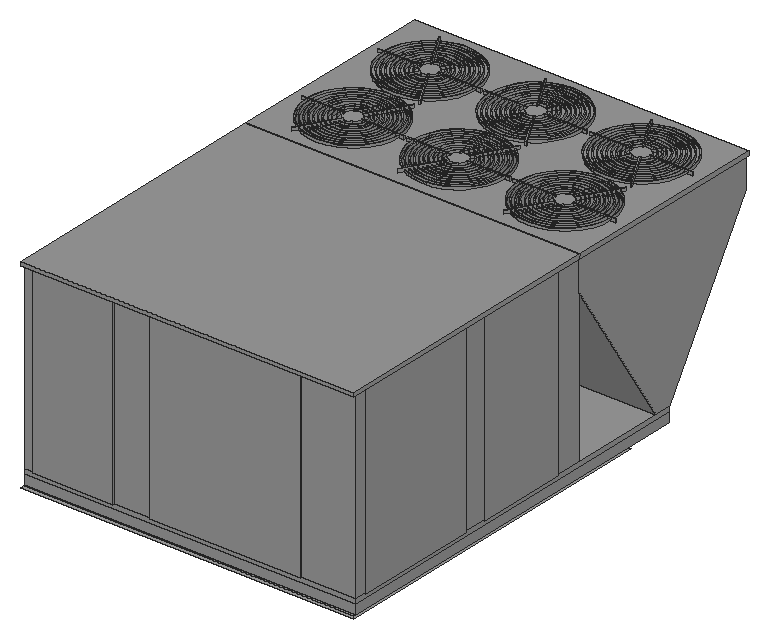
Revit family "RTU-1", category Mechanical Equipment, host Face, Revit 2025
Family settings
  Host = Face
  Round Connector Dimension = Use Diameter
  Classification = None
  Part Type = Normal
  Cut with Voids When Loaded = No
  Maintain Annotation Orientation = Yes
  Shared = No
  Room Calculation Point = No
Parameters (values of type "LCH 240 H4B K 1Y")
  URL = "https://tech.lennoxintl.com/C03e7o14l/VIu12Ch2uV/ehb_lch_cbox_2109.pdf"
  Supply Flow [instance] = 0 CFM
  Return Flow [instance] = 0 CFM
  Model = "LCH 240 H4B K 1Y"
  Material = Aluminum 1100-O
  Manufacturer = "LENNOX"
  Grill Material = Steel, Paint Finish, Dark Gray
  Default Elevation = 48"
Reference planes (in)
  plane 1 "Center (Front/Back)": y = 0
  plane 2: z = 0
  plane 3 "Center (Left/Right)": x = 0
  plane 4: z = 45.1875
  plane 5: y = 48.375
  plane 6: through (-28.53125, 37.65625, 55) normal (-0.7071, -0.7071, 0)
  plane 7: through (-28.53125, 37.65625, 55) normal (-0.7071, 0.7071, 0)
  plane 8: through (-28.53125, 37.65625, 55) normal (0.7071, -0.7071, 0)
  plane 9: through (-28.53125, 37.65625, 55) normal (0.7071, 0.7071, 0)
  plane 10: x = -30.90625
  plane 11: x = -31.90625
  plane 12: x = -32.90625
  plane 13: x = -33.90625
  plane 14: x = -34.90625
  plane 15: x = -35.90625
  plane 16: x = -36.90625
  plane 17: x = -37.90625
  plane 18: x = -38.90625
  plane 19: x = -39.90625
  plane 20: x = -40.90625
  plane 21: x = -42.34375
  plane 22: x = -41.03125
  plane 23: x = -14.71875
  plane 24: x = -16.03125
  plane 25: y = 52.625
  plane 26: y = 50.5
  plane 27: y = 22.25
  plane 28: y = 78.9375
  plane 29: y = 50.59375
  plane 30: x = -30.90625
  plane 31: x = -31.90625
  plane 32: x = -32.90625
  plane 33: x = -33.90625
  plane 34: x = -34.90625
  plane 35: x = -35.90625
  plane 36: x = -36.90625
  plane 37: x = -37.90625
  plane 38: x = -38.90625
  plane 39: x = -39.90625
  plane 40: x = -40.90625
  plane 41: x = -42.34375
  plane 42: x = -41.03125
  plane 43: x = -14.71875
  plane 44: x = -16.03125
  plane 45: x = -2.375
  plane 46: x = -3.375
  plane 47: x = -4.375
  plane 48: x = -5.375
  plane 49: x = -6.375
  plane 50: x = -7.375
  plane 51: x = -8.375
  plane 52: x = -9.375
  plane 53: x = -10.375
  plane 54: x = -11.375
  plane 55: x = -12.375
  plane 56: x = -13.8125
  plane 57: x = -12.5
  plane 58: x = 13.8125
  plane 59: x = 12.5
  plane 60: x = 26.15625
  plane 61: x = 25.15625
  plane 62: x = 24.15625
  plane 63: x = 23.15625
  plane 64: x = 22.15625
  plane 65: x = 21.15625
  plane 66: x = 20.15625
  plane 67: x = 19.15625
  plane 68: x = 18.15625
  plane 69: x = 17.15625
  plane 70: x = 16.15625
  plane 71: x = 14.71875
  plane 72: x = 16.03125
  plane 73: x = 42.34375
  plane 74: x = 41.03125
  plane 75: through (-36.72095, 74.75222, 110.75) normal (-0.5, 0.866, 0)
  plane 76: through (-34.78125, 74.35657, 110.75) normal (0.5, -0.866, 0)
  plane 77: through (-20.34155, 74.75222, 110.75) normal (-0.5, -0.866, 0)
  plane 78: through (-22.28125, 74.35657, 110.75) normal (0.5, 0.866, 0)
  plane 79: through (-36.72095, 52.31028, 110.75) normal (0.5, 0.866, 0)
  plane 80: through (-34.78125, 52.70593, 110.75) normal (-0.5, -0.866, 0)
  plane 81: through (-20.34155, 52.31028, 110.75) normal (0.5, -0.866, 0)
  plane 82: through (-22.28125, 52.70593, 110.75) normal (-0.5, 0.866, 0)
  plane 83: through (-36.72095, 26.43528, 110.75) normal (0.5, 0.866, 0)
  plane 84: through (-34.78125, 26.83093, 110.75) normal (-0.5, -0.866, 0)
  plane 85: through (-20.34155, 26.43528, 110.75) normal (0.5, -0.866, 0)
  plane 86: through (-22.28125, 26.83093, 110.75) normal (-0.5, 0.866, 0)
  plane 87: through (-36.72095, 48.87722, 110.75) normal (-0.5, 0.866, 0)
  plane 88: through (-34.78125, 48.48157, 110.75) normal (0.5, -0.866, 0)
  plane 89: through (-20.34155, 48.87722, 110.75) normal (-0.5, -0.866, 0)
  plane 90: through (-22.28125, 48.48157, 110.75) normal (0.5, 0.866, 0)
  plane 91: through (-8.1897, 74.75222, 110.75) normal (-0.5, 0.866, 0)
  plane 92: through (-6.25, 74.35657, 110.75) normal (0.5, -0.866, 0)
  plane 93: through (8.1897, 74.75222, 110.75) normal (-0.5, -0.866, 0)
  plane 94: through (6.25, 74.35657, 110.75) normal (0.5, 0.866, 0)
  plane 95: through (-8.1897, 52.31028, 110.75) normal (0.5, 0.866, 0)
  plane 96: through (-6.25, 52.70593, 110.75) normal (-0.5, -0.866, 0)
  plane 97: through (8.1897, 52.31028, 110.75) normal (0.5, -0.866, 0)
  plane 98: through (6.25, 52.70593, 110.75) normal (-0.5, 0.866, 0)
  plane 99: through (20.34155, 74.75222, 110.75) normal (-0.5, 0.866, 0)
  plane 100: through (22.28125, 74.35657, 110.75) normal (0.5, -0.866, 0)
  plane 101: through (36.72095, 74.75222, 110.75) normal (-0.5, -0.866, 0)
  plane 102: through (34.78125, 74.35657, 110.75) normal (0.5, 0.866, 0)
  plane 103: through (20.34155, 52.31028, 110.75) normal (0.5, 0.866, 0)
  plane 104: through (22.28125, 52.70593, 110.75) normal (-0.5, -0.866, 0)
  plane 105: through (36.72095, 52.31028, 110.75) normal (0.5, -0.866, 0)
  plane 106: through (34.78125, 52.70593, 110.75) normal (-0.5, 0.866, 0)
  plane 107: x = -30.90625
  plane 108: x = -31.90625
  plane 109: x = -32.90625
  plane 110: x = -33.90625
  plane 111: x = -34.90625
  plane 112: x = -35.90625
  plane 113: x = -36.90625
  plane 114: x = -37.90625
  plane 115: x = -38.90625
  plane 116: x = -39.90625
  plane 117: x = -40.90625
  plane 118: x = -42.34375
  plane 119: x = -41.03125
  plane 120: x = -14.71875
  plane 121: x = -16.03125
  plane 122: x = -2.375
  plane 123: x = -3.375
  plane 124: x = -4.375
  plane 125: x = -5.375
  plane 126: x = -6.375
  plane 127: x = -7.375
  plane 128: x = -8.375
  plane 129: x = -9.375
  plane 130: x = -10.375
  plane 131: x = -11.375
  plane 132: x = -12.375
  plane 133: x = -13.8125
  plane 134: x = -12.5
  plane 135: x = 13.8125
  plane 136: x = 12.5
  plane 137: x = 26.15625
  plane 138: x = 25.15625
  plane 139: x = 24.15625
  plane 140: x = 23.15625
  plane 141: x = 22.15625
  plane 142: x = 21.15625
  plane 143: x = 20.15625
  plane 144: x = 19.15625
  plane 145: x = 18.15625
  plane 146: x = 17.15625
  plane 147: x = 16.15625
  plane 148: x = 14.71875
  plane 149: x = 16.03125
  plane 150: x = 42.34375
  plane 151: x = 41.03125
  plane 152: through (-36.72095, 26.43528, 110.75) normal (0.5, 0.866, 0)
  plane 153: through (-34.78125, 26.83093, 110.75) normal (-0.5, -0.866, 0)
  plane 154: through (-20.34155, 26.43528, 110.75) normal (0.5, -0.866, 0)
  plane 155: through (-22.28125, 26.83093, 110.75) normal (-0.5, 0.866, 0)
  plane 156: through (-36.72095, 48.87722, 110.75) normal (-0.5, 0.866, 0)
  plane 157: through (-34.78125, 48.48157, 110.75) normal (0.5, -0.866, 0)
  plane 158: through (-20.34155, 48.87722, 110.75) normal (-0.5, -0.866, 0)
  plane 159: through (-22.28125, 48.48157, 110.75) normal (0.5, 0.866, 0)
  plane 160: through (-8.1897, 26.43528, 110.75) normal (0.5, 0.866, 0)
  plane 161: through (-6.25, 26.83093, 110.75) normal (-0.5, -0.866, 0)
  plane 162: through (8.1897, 26.43528, 110.75) normal (0.5, -0.866, 0)
  plane 163: through (6.25, 26.83093, 110.75) normal (-0.5, 0.866, 0)
  plane 164: through (-8.1897, 48.87722, 110.75) normal (-0.5, 0.866, 0)
  plane 165: through (-6.25, 48.48157, 110.75) normal (0.5, -0.866, 0)
  plane 166: through (8.1897, 48.87722, 110.75) normal (-0.5, -0.866, 0)
  plane 167: through (6.25, 48.48157, 110.75) normal (0.5, 0.866, 0)
  plane 168: through (20.34155, 26.43528, 110.75) normal (0.5, 0.866, 0)
  plane 169: through (22.28125, 26.83093, 110.75) normal (-0.5, -0.866, 0)
  plane 170: through (36.72095, 26.43528, 110.75) normal (0.5, -0.866, 0)
  plane 171: through (34.78125, 26.83093, 110.75) normal (-0.5, 0.866, 0)
  plane 172: through (20.34155, 48.87722, 110.75) normal (-0.5, 0.866, 0)
  plane 173: through (22.28125, 48.48157, 110.75) normal (0.5, -0.866, 0)
  plane 174: through (36.72095, 48.87722, 110.75) normal (-0.5, -0.866, 0)
  plane 175: through (34.78125, 48.48157, 110.75) normal (0.5, 0.866, 0)
  plane 176: x = -33.3125
  plane 177: x = 2.1875
  plane 178: y = -10.625
  plane 179: y = -10.625
  plane 180: x = -45
  plane 181: x = 45
  plane 182: y = -53.8125
Forms (in)
  Extrusion 1, solid, material "Aluminum 1100-O" <- "Material"
    sketch origin (0, 0, 0) x (1, 0, 0) y (0, 1, 0)
      loop
        line (-44.5625, 22.25) -> (-44.5625, -52.75) -> (44.5625, -52.75) -> (44.5625, 22.25) -> (-44.5625, 22.25)
    from 4.125 to 53.5625
  Extrusion 2, solid, material "Aluminum 1100-O" <- "Material"
    sketch origin (0, 0, -50.125) x (1, 0, 0) y (0, 1, 0)
      loop
        line (-44.5625, 52.75) -> (-44.5625, -52.75) -> (44.5625, -52.75) -> (44.5625, 52.75) -> (-44.5625, 52.75)
    from 53.0625 to 54.25
  Extrusion 3, solid, material "Aluminum 1100-O" <- "Material"
    sketch origin (0, 0, -51.3125) x (1, 0, 0) y (0, 1, 0)
      loop
        line (-44.5625, 52.75) -> (-44.5625, -52.75) -> (44.5625, -52.75) -> (44.5625, 52.75) -> (-44.5625, 52.75)
    from 51.6875 to 54.25
  Blend 4, solid, material "Aluminum 1100-O" <- "Material"
    base sketch origin (0, 0, 0) x (1, 0, 0) y (0, 1, 0)
      loop
        line (-45, 39.41026) -> (-45, -53.8125) -> (45, -53.8125) -> (45, 39.41026) -> (-45, 39.41026)
    top sketch origin (0, 0, 0) x (1, 0, 0) y (0, 1, 0)
      loop
        line (-44.5625, 38.91026) -> (-44.5625, -53.3125) -> (44.5625, -53.3125) -> (44.5625, 38.91026) -> (-44.5625, 38.91026)
    from 0 to 0.375
  Extrusion 5, solid, material "Aluminum 1100-O" <- "Material"
    sketch origin (0, 0, 0) x (0, 1, 0) y (0, 0, 1)
      loop
        line (48.375, 4.125) -> (52.625, 4.125) -> (78.75, 45.1875) -> (78.75, 53.5625) -> (22.25, 53.5625) -> (22.25, 45.1875) -> (48.375, 4.125)
    from -44.5625 to 44.5625
  Extrusion 6, solid, material "Aluminum 1100-O" <- "Material"
    sketch origin (0, 0, 0) x (1, 0, 0) y (0, 1, 0)
      loop
        line (-45, 22.25) -> (-45, -53.8125) -> (45, -53.8125) -> (45, 22.25) -> (-45, 22.25)
    from 53.5625 to 54.625
  Extrusion 7, solid, material "Aluminum 1100-O" <- "Material"
    sketch origin (0, 75.3125, 0) x (1, 0, 0) y (0, 1, 0)
      loop
        line (-45, 3.625) -> (-45, -53.0625) -> (45, -53.0625) -> (45, 3.625) -> (-45, 3.625)
    from 53.5625 to 54.625
  Extrusion 8, void
    sketch origin (-8.58719, -1.71744, 0) x (1, 0, 0) y (0, 1, 0)
      loop
        circle (8.58719, 39.37369) r 12.5
      loop
        circle (-19.94406, 39.37369) r 12.5
      loop
        circle (37.11844, 39.37369) r 12.5
    from 45.45857 to 54.625
  Extrusion 9, solid, material "Steel, Paint Finish, Dark Gray" <- "Grill Material", not visible
    sketch origin (0, 0, 54.625) x (1, 0, 0) y (0, 1, 0)
      loop
        circle (-28.53125, 37.65625) r 2.375
      loop
        circle (-28.53125, 37.65625) r 3.375
      loop
        circle (-28.53125, 37.65625) r 3.5
      loop
        circle (-28.53125, 37.65625) r 4.375
      loop
        circle (-28.53125, 37.65625) r 5.25
      loop
        circle (-28.53125, 37.65625) r 4.5
      loop
        circle (-28.53125, 37.65625) r 5.375
      loop
        circle (-28.53125, 37.65625) r 6.375
      loop
        circle (-28.53125, 37.65625) r 7.375
      loop
        circle (-28.53125, 37.65625) r 9.375
      loop
        circle (-28.53125, 37.65625) r 10.375
      loop
        circle (-28.53125, 37.65625) r 11.375
      loop
        circle (-28.53125, 37.65625) r 12.375
      loop
        circle (-28.53125, 37.65625) r 12.5
      loop
        circle (-28.53125, 37.65625) r 7.5
      loop
        circle (-28.53125, 37.65625) r 9.5
      loop
        circle (-28.53125, 37.65625) r 10.5
      loop
        circle (-28.53125, 37.65625) r 11.5
      loop
        circle (-28.53125, 37.65625) r 8.375
      loop
        circle (-28.53125, 37.65625) r 8.5
      loop
        circle (-28.53125, 37.65625) r 6.5
    from 0 to 0.625
  Extrusion 10, solid, material "Steel, Paint Finish, Dark Gray" <- "Grill Material", not visible
    sketch origin (0, 0, 55.75) x (1, 0, 0) y (0, 1, 0)
      loop
        line (-42.34375, 37.78125) -> (-42.34375, 37.53125) -> (-30.90296, 37.53125)
        arc (-30.90296, 37.53125) -> (-30.90543, 37.59373) -> (-30.90625, 37.65625) r 2.375
        arc (-30.90625, 37.65625) -> (-30.90543, 37.71877) -> (-30.90296, 37.78125) r 2.375
        line (-30.90296, 37.78125) -> (-42.34375, 37.78125)
    from -1.125 to -0.3427
  Extrusion 11, solid, material "Steel, Paint Finish, Dark Gray" <- "Grill Material", not visible
    sketch origin (-57.0625, 0, 55.75) x (-1, 0, 0) y (0, -1, 0)
      loop
        line (-42.34375, -37.78125) -> (-30.90296, -37.78125)
        arc (-30.90296, -37.78125) -> (-30.90543, -37.71877) -> (-30.90625, -37.65625) r 2.375
        arc (-30.90625, -37.65625) -> (-30.90543, -37.59373) -> (-30.90296, -37.53125) r 2.375
        line (-30.90296, -37.53125) -> (-42.34375, -37.53125) -> (-42.34375, -37.78125)
    from -1.125 to -0.3427
  Extrusion 12, void
    sketch origin (0, 0, 0) x (1, 0, 0) y (0, 1, 0)
      loop
        line (-40.75, 19.4375) -> (-40.75, -40.5625) -> (-25.75, -40.5625) -> (-25.75, 19.4375) -> (-40.75, 19.4375)
      loop
        line (12.25, -40.5625) -> (12.25, 19.4375) -> (-7.75, 19.4375) -> (-7.75, -40.5625) -> (12.25, -40.5625)
      loop
        line (33.0625, -44.8125) -> (33.0625, -49.8125) -> (41.0625, -49.8125) -> (41.0625, -44.8125) -> (33.0625, -44.8125)
    from 0 to 12
  Extrusion 13, solid, material "Steel, Paint Finish, Dark Gray" <- "Grill Material"
    sketch origin (0, 101.1875, 54.625) x (1, 0, 0) y (0, 1, 0)
      loop
        circle (-28.53125, -37.65625) r 2.375
      loop
        circle (-28.53125, -37.65625) r 3.375
      loop
        circle (-28.53125, -37.65625) r 3.5
      loop
        circle (-28.53125, -37.65625) r 4.375
      loop
        circle (-28.53125, -37.65625) r 5.25
      loop
        circle (-28.53125, -37.65625) r 4.5
      loop
        circle (-28.53125, -37.65625) r 5.375
      loop
        circle (-28.53125, -37.65625) r 6.375
      loop
        circle (-28.53125, -37.65625) r 7.375
      loop
        circle (-28.53125, -37.65625) r 9.375
      loop
        circle (-28.53125, -37.65625) r 10.375
      loop
        circle (-28.53125, -37.65625) r 11.375
      loop
        circle (-28.53125, -37.65625) r 12.375
      loop
        circle (-28.53125, -37.65625) r 12.5
      loop
        circle (-28.53125, -37.65625) r 7.5
      loop
        circle (-28.53125, -37.65625) r 9.5
      loop
        circle (-28.53125, -37.65625) r 10.5
      loop
        circle (-28.53125, -37.65625) r 11.5
      loop
        circle (-28.53125, -37.65625) r 8.375
      loop
        circle (-28.53125, -37.65625) r 8.5
      loop
        circle (-28.53125, -37.65625) r 6.5
    from 0 to 0.625
  Extrusion 14, solid, material "Steel, Paint Finish, Dark Gray" <- "Grill Material"
    sketch origin (0, 101.1875, 55.75) x (1, 0, 0) y (0, 1, 0)
      loop
        line (-42.34375, -37.78125) -> (-30.90296, -37.78125)
        arc (-30.90296, -37.78125) -> (-30.90543, -37.71877) -> (-30.90625, -37.65625) r 2.375
        arc (-30.90625, -37.65625) -> (-30.90543, -37.59373) -> (-30.90296, -37.53125) r 2.375
        line (-30.90296, -37.53125) -> (-42.34375, -37.53125) -> (-42.34375, -37.78125)
    from -1.125 to -0.3427
  Extrusion 15, solid, material "Steel, Paint Finish, Dark Gray" <- "Grill Material"
    sketch origin (-57.0625, 101.1875, 55.75) x (-1, 0, 0) y (0, -1, 0)
      loop
        line (-42.34375, 37.78125) -> (-42.34375, 37.53125) -> (-30.90296, 37.53125)
        arc (-30.90296, 37.53125) -> (-30.90543, 37.59373) -> (-30.90625, 37.65625) r 2.375
        arc (-30.90625, 37.65625) -> (-30.90543, 37.71877) -> (-30.90296, 37.78125) r 2.375
        line (-30.90296, 37.78125) -> (-42.34375, 37.78125)
    from -1.125 to -0.3427
  Extrusion 16, solid, material "Steel, Paint Finish, Dark Gray" <- "Grill Material"
    sketch origin (28.53125, 101.1875, 54.625) x (1, 0, 0) y (0, 1, 0)
      loop
        circle (-28.53125, -37.65625) r 2.375
      loop
        circle (-28.53125, -37.65625) r 3.375
      loop
        circle (-28.53125, -37.65625) r 3.5
      loop
        circle (-28.53125, -37.65625) r 4.375
      loop
        circle (-28.53125, -37.65625) r 5.25
      loop
        circle (-28.53125, -37.65625) r 4.5
      loop
        circle (-28.53125, -37.65625) r 5.375
      loop
        circle (-28.53125, -37.65625) r 6.375
      loop
        circle (-28.53125, -37.65625) r 7.375
      loop
        circle (-28.53125, -37.65625) r 9.375
      loop
        circle (-28.53125, -37.65625) r 10.375
      loop
        circle (-28.53125, -37.65625) r 11.375
      loop
        circle (-28.53125, -37.65625) r 12.375
      loop
        circle (-28.53125, -37.65625) r 12.5
      loop
        circle (-28.53125, -37.65625) r 7.5
      loop
        circle (-28.53125, -37.65625) r 9.5
      loop
        circle (-28.53125, -37.65625) r 10.5
      loop
        circle (-28.53125, -37.65625) r 11.5
      loop
        circle (-28.53125, -37.65625) r 8.375
      loop
        circle (-28.53125, -37.65625) r 8.5
      loop
        circle (-28.53125, -37.65625) r 6.5
    from 0 to 0.625
  Extrusion 17, solid, material "Steel, Paint Finish, Dark Gray" <- "Grill Material"
    sketch origin (28.53125, 101.1875, 55.75) x (1, 0, 0) y (0, 1, 0)
      loop
        line (-42.34375, -37.78125) -> (-30.90296, -37.78125)
        arc (-30.90296, -37.78125) -> (-30.90543, -37.71877) -> (-30.90625, -37.65625) r 2.375
        arc (-30.90625, -37.65625) -> (-30.90543, -37.59373) -> (-30.90296, -37.53125) r 2.375
        line (-30.90296, -37.53125) -> (-42.34375, -37.53125) -> (-42.34375, -37.78125)
    from -1.125 to -0.3427
  Extrusion 18, solid, material "Steel, Paint Finish, Dark Gray" <- "Grill Material"
    sketch origin (-28.53125, 101.1875, 55.75) x (-1, 0, 0) y (0, -1, 0)
      loop
        line (-42.34375, 37.78125) -> (-42.34375, 37.53125) -> (-30.90296, 37.53125)
        arc (-30.90296, 37.53125) -> (-30.90543, 37.59373) -> (-30.90625, 37.65625) r 2.375
        arc (-30.90625, 37.65625) -> (-30.90543, 37.71877) -> (-30.90296, 37.78125) r 2.375
        line (-30.90296, 37.78125) -> (-42.34375, 37.78125)
    from -1.125 to -0.3427
  Extrusion 19, solid, material "Steel, Paint Finish, Dark Gray" <- "Grill Material"
    sketch origin (57.0625, 0, 54.625) x (1, 0, 0) y (0, 1, 0)
      loop
        circle (-28.53125, 63.53125) r 2.375
      loop
        circle (-28.53125, 63.53125) r 3.375
      loop
        circle (-28.53125, 63.53125) r 3.5
      loop
        circle (-28.53125, 63.53125) r 4.375
      loop
        circle (-28.53125, 63.53125) r 5.25
      loop
        circle (-28.53125, 63.53125) r 4.5
      loop
        circle (-28.53125, 63.53125) r 5.375
      loop
        circle (-28.53125, 63.53125) r 6.375
      loop
        circle (-28.53125, 63.53125) r 7.375
      loop
        circle (-28.53125, 63.53125) r 9.375
      loop
        circle (-28.53125, 63.53125) r 10.375
      loop
        circle (-28.53125, 63.53125) r 11.375
      loop
        circle (-28.53125, 63.53125) r 12.375
      loop
        circle (-28.53125, 63.53125) r 12.5
      loop
        circle (-28.53125, 63.53125) r 7.5
      loop
        circle (-28.53125, 63.53125) r 9.5
      loop
        circle (-28.53125, 63.53125) r 10.5
      loop
        circle (-28.53125, 63.53125) r 11.5
      loop
        circle (-28.53125, 63.53125) r 8.375
      loop
        circle (-28.53125, 63.53125) r 8.5
      loop
        circle (-28.53125, 63.53125) r 6.5
    from 0 to 0.625
  Extrusion 20, solid, material "Steel, Paint Finish, Dark Gray" <- "Grill Material"
    sketch origin (57.0625, 0, 55.75) x (1, 0, 0) y (0, 1, 0)
      loop
        line (-42.34375, 63.40625) -> (-30.90296, 63.40625)
        arc (-30.90296, 63.40625) -> (-30.90543, 63.46873) -> (-30.90625, 63.53125) r 2.375
        arc (-30.90625, 63.53125) -> (-30.90543, 63.59377) -> (-30.90296, 63.65625) r 2.375
        line (-30.90296, 63.65625) -> (-42.34375, 63.65625) -> (-42.34375, 63.40625)
    from -1.125 to -0.3427
  Extrusion 21, solid, material "Steel, Paint Finish, Dark Gray" <- "Grill Material"
    sketch origin (0, 0, 55.75) x (-1, 0, 0) y (0, -1, 0)
      loop
        line (-42.34375, -63.40625) -> (-42.34375, -63.65625) -> (-30.90296, -63.65625)
        arc (-30.90296, -63.65625) -> (-30.90543, -63.59377) -> (-30.90625, -63.53125) r 2.375
        arc (-30.90625, -63.53125) -> (-30.90543, -63.46873) -> (-30.90296, -63.40625) r 2.375
        line (-30.90296, -63.40625) -> (-42.34375, -63.40625)
    from -1.125 to -0.3427
  Extrusion 22, solid, material "Steel, Paint Finish, Dark Gray" <- "Grill Material"
    sketch origin (-69.2853, 108.24434, 55.75) x (0.5, -0.866025, 0) y (0.866025, 0.5, 0)
      loop
        line (45.2872, 12.8125) -> (56.72799, 12.8125)
        arc (56.72799, 12.8125) -> (56.72552, 12.87498) -> (56.7247, 12.9375) r 2.375
        arc (56.7247, 12.9375) -> (56.72552, 13.00002) -> (56.72799, 13.0625) r 2.375
        line (56.72799, 13.0625) -> (45.2872, 13.0625) -> (45.2872, 12.8125)
    from -1.125 to -0.3427
  Extrusion 23, solid, material "Steel, Paint Finish, Dark Gray" <- "Grill Material"
    sketch origin (12.2228, 108.24434, 55.75) x (-0.5, -0.866025, 0) y (0.866025, -0.5, 0)
      loop
        line (53.86779, -12.8125) -> (53.86779, -13.0625) -> (56.72799, -13.0625)
        arc (56.72799, -13.0625) -> (56.72552, -13.00002) -> (56.7247, -12.9375) r 2.375
        arc (56.7247, -12.9375) -> (56.72552, -12.87498) -> (56.72799, -12.8125) r 2.375
        line (56.72799, -12.8125) -> (53.86779, -12.8125)
    from -1.125 to -0.3427
  Extrusion 24, solid, material "Steel, Paint Finish, Dark Gray" <- "Grill Material"
    sketch origin (-69.2853, 221.19316, 55.75) x (0.5, 0.866025, 0) y (-0.866025, 0.5, 0)
      loop
        line (-121.3941, -114) -> (-121.3941, -114.25) -> (-118.5339, -114.25)
        arc (-118.5339, -114.25) -> (-118.53637, -114.18752) -> (-118.5372, -114.125) r 2.375
        arc (-118.5372, -114.125) -> (-118.53637, -114.06248) -> (-118.5339, -114) r 2.375
        line (-118.5339, -114) -> (-121.3941, -114)
    from -1.125 to -0.3427
  Extrusion 25, solid, material "Steel, Paint Finish, Dark Gray" <- "Grill Material"
    sketch origin (12.2228, 221.19316, 55.75) x (-0.5, 0.866025, 0) y (-0.866025, -0.5, 0)
      loop
        line (-129.9747, 114) -> (-118.5339, 114)
        arc (-118.5339, 114) -> (-118.53637, 114.06248) -> (-118.5372, 114.125) r 2.375
        arc (-118.5372, 114.125) -> (-118.53637, 114.18752) -> (-118.5339, 114.25) r 2.375
        line (-118.5339, 114.25) -> (-129.9747, 114.25) -> (-129.9747, 114)
    from -1.125 to -0.3427
  Extrusion 26, solid, material "Steel, Paint Finish, Dark Gray" <- "Grill Material", not visible
    sketch origin (-69.2853, 7.05684, 55.75) x (0.5, -0.866025, 0) y (0.866025, 0.5, 0)
      loop
        line (0.67515, 38.56927) -> (0.89166, 38.69427) -> (-4.82874, 48.60229)
        arc (-4.82874, 48.60229) -> (-4.88161, 48.56891) -> (-4.93534, 48.53694) r 2.375
        arc (-4.93534, 48.53694) -> (-4.9899, 48.50639) -> (-5.04524, 48.47729) r 2.375
        line (-5.04524, 48.47729) -> (0.67515, 38.56927)
    from -1.125 to -0.3427
  Extrusion 27, solid, material "Steel, Paint Finish, Dark Gray" <- "Grill Material", not visible
    sketch origin (12.2228, 7.05684, 55.75) x (-0.5, -0.866025, 0) y (0.866025, -0.5, 0)
      loop
        line (0.67515, -48.47729) -> (-5.04524, -48.47729)
        arc (-5.04524, -48.47729) -> (-4.9899, -48.50639) -> (-4.93534, -48.53694) r 2.375
        arc (-4.93534, -48.53694) -> (-4.88161, -48.56891) -> (-4.82874, -48.60229) r 2.375
        line (-4.82874, -48.60229) -> (0.67515, -48.60229) -> (0.67515, -48.47729)
    from -1.125 to -0.3427
  Extrusion 28, solid, material "Steel, Paint Finish, Dark Gray" <- "Grill Material", not visible
    sketch origin (-69.2853, 120.00566, 55.75) x (0.5, 0.866025, 0) y (-0.866025, 0.5, 0)
      loop
        line (-44.14166, -74.35229) -> (-49.86206, -74.35229)
        arc (-49.86206, -74.35229) -> (-49.80671, -74.38139) -> (-49.75216, -74.41194) r 2.375
        arc (-49.75216, -74.41194) -> (-49.69842, -74.44391) -> (-49.64555, -74.47729) r 2.375
        line (-49.64555, -74.47729) -> (-44.14166, -74.47729) -> (-44.14166, -74.35229)
    from -1.125 to -0.3427
  Extrusion 29, solid, material "Steel, Paint Finish, Dark Gray" <- "Grill Material", not visible
    sketch origin (12.2228, 120.00566, 55.75) x (-0.5, 0.866025, 0) y (-0.866025, -0.5, 0)
      loop
        line (-44.14166, 64.44427) -> (-43.92515, 64.56927) -> (-49.64555, 74.47729)
        arc (-49.64555, 74.47729) -> (-49.69842, 74.44391) -> (-49.75216, 74.41194) r 2.375
        arc (-49.75216, 74.41194) -> (-49.80671, 74.38139) -> (-49.86206, 74.35229) r 2.375
        line (-49.86206, 74.35229) -> (-44.14166, 64.44427)
    from -1.125 to -0.3427
  Extrusion 30, solid, material "Steel, Paint Finish, Dark Gray" <- "Grill Material"
    sketch origin (-40.75405, 108.24434, 55.75) x (0.5, -0.866025, 0) y (0.866025, 0.5, 0)
      loop
        line (45.2872, 12.8125) -> (56.72799, 12.8125)
        arc (56.72799, 12.8125) -> (56.72552, 12.87498) -> (56.7247, 12.9375) r 2.375
        arc (56.7247, 12.9375) -> (56.72552, 13.00002) -> (56.72799, 13.0625) r 2.375
        line (56.72799, 13.0625) -> (45.2872, 13.0625) -> (45.2872, 12.8125)
    from -1.125 to -0.3427
  Extrusion 31, solid, material "Steel, Paint Finish, Dark Gray" <- "Grill Material"
    sketch origin (40.75405, 108.24434, 55.75) x (-0.5, -0.866025, 0) y (0.866025, -0.5, 0)
      loop
        line (53.86779, -12.8125) -> (53.86779, -13.0625) -> (56.72799, -13.0625)
        arc (56.72799, -13.0625) -> (56.72552, -13.00002) -> (56.7247, -12.9375) r 2.375
        arc (56.7247, -12.9375) -> (56.72552, -12.87498) -> (56.72799, -12.8125) r 2.375
        line (56.72799, -12.8125) -> (53.86779, -12.8125)
    from -1.125 to -0.3427
  Extrusion 32, solid, material "Steel, Paint Finish, Dark Gray" <- "Grill Material"
    sketch origin (-40.75405, 221.19316, 55.75) x (0.5, 0.866025, 0) y (-0.866025, 0.5, 0)
      loop
        line (-121.3941, -114) -> (-121.3941, -114.25) -> (-118.5339, -114.25)
        arc (-118.5339, -114.25) -> (-118.53637, -114.18752) -> (-118.5372, -114.125) r 2.375
        arc (-118.5372, -114.125) -> (-118.53637, -114.06248) -> (-118.5339, -114) r 2.375
        line (-118.5339, -114) -> (-121.3941, -114)
    from -1.125 to -0.3427
  Extrusion 33, solid, material "Steel, Paint Finish, Dark Gray" <- "Grill Material"
    sketch origin (40.75405, 221.19316, 55.75) x (-0.5, 0.866025, 0) y (-0.866025, -0.5, 0)
      loop
        line (-129.9747, 114) -> (-118.5339, 114)
        arc (-118.5339, 114) -> (-118.53637, 114.06248) -> (-118.5372, 114.125) r 2.375
        arc (-118.5372, 114.125) -> (-118.53637, 114.18752) -> (-118.5339, 114.25) r 2.375
        line (-118.5339, 114.25) -> (-129.9747, 114.25) -> (-129.9747, 114)
    from -1.125 to -0.3427
  Extrusion 34, solid, material "Steel, Paint Finish, Dark Gray" <- "Grill Material"
    sketch origin (-12.2228, 7.05684, 55.75) x (0.5, -0.866025, 0) y (0.866025, 0.5, 0)
      loop
        line (-42.34375, 63.40625) -> (-30.90296, 63.40625)
        arc (-30.90296, 63.40625) -> (-30.90543, 63.46873) -> (-30.90625, 63.53125) r 2.375
        arc (-30.90625, 63.53125) -> (-30.90543, 63.59377) -> (-30.90296, 63.65625) r 2.375
        line (-30.90296, 63.65625) -> (-42.34375, 63.65625) -> (-42.34375, 63.40625)
    from -1.125 to -0.3427
  Extrusion 35, solid, material "Steel, Paint Finish, Dark Gray" <- "Grill Material"
    sketch origin (69.2853, 7.05684, 55.75) x (-0.5, -0.866025, 0) y (0.866025, -0.5, 0)
      loop
        line (-33.76316, -63.40625) -> (-33.76316, -63.65625) -> (-30.90296, -63.65625)
        arc (-30.90296, -63.65625) -> (-30.90543, -63.59377) -> (-30.90625, -63.53125) r 2.375
        arc (-30.90625, -63.53125) -> (-30.90543, -63.46873) -> (-30.90296, -63.40625) r 2.375
        line (-30.90296, -63.40625) -> (-33.76316, -63.40625)
    from -1.125 to -0.3427
  Extrusion 36, solid, material "Steel, Paint Finish, Dark Gray" <- "Grill Material"
    sketch origin (-12.2228, 120.00566, 55.75) x (0.5, 0.866025, 0) y (-0.866025, 0.5, 0)
      loop
        line (-33.76316, -63.40625) -> (-33.76316, -63.65625) -> (-30.90296, -63.65625)
        arc (-30.90296, -63.65625) -> (-30.90543, -63.59377) -> (-30.90625, -63.53125) r 2.375
        arc (-30.90625, -63.53125) -> (-30.90543, -63.46873) -> (-30.90296, -63.40625) r 2.375
        line (-30.90296, -63.40625) -> (-33.76316, -63.40625)
    from -1.125 to -0.3427
  Extrusion 37, solid, material "Steel, Paint Finish, Dark Gray" <- "Grill Material"
    sketch origin (69.2853, 120.00566, 55.75) x (-0.5, 0.866025, 0) y (-0.866025, -0.5, 0)
      loop
        line (-42.34375, 63.40625) -> (-30.90296, 63.40625)
        arc (-30.90296, 63.40625) -> (-30.90543, 63.46873) -> (-30.90625, 63.53125) r 2.375
        arc (-30.90625, 63.53125) -> (-30.90543, 63.59377) -> (-30.90296, 63.65625) r 2.375
        line (-30.90296, 63.65625) -> (-42.34375, 63.65625) -> (-42.34375, 63.40625)
    from -1.125 to -0.3427
  Extrusion 38, solid, material "Steel, Paint Finish, Dark Gray" <- "Grill Material"
    sketch origin (0, 0, 54.625) x (1, 0, 0) y (0, 1, 0)
      loop
        circle (-28.53125, 37.65625) r 2.375
      loop
        circle (-28.53125, 37.65625) r 3.375
      loop
        circle (-28.53125, 37.65625) r 3.5
      loop
        circle (-28.53125, 37.65625) r 4.375
      loop
        circle (-28.53125, 37.65625) r 5.25
      loop
        circle (-28.53125, 37.65625) r 4.5
      loop
        circle (-28.53125, 37.65625) r 5.375
      loop
        circle (-28.53125, 37.65625) r 6.375
      loop
        circle (-28.53125, 37.65625) r 7.375
      loop
        circle (-28.53125, 37.65625) r 9.375
      loop
        circle (-28.53125, 37.65625) r 10.375
      loop
        circle (-28.53125, 37.65625) r 11.375
      loop
        circle (-28.53125, 37.65625) r 12.375
      loop
        circle (-28.53125, 37.65625) r 12.5
      loop
        circle (-28.53125, 37.65625) r 7.5
      loop
        circle (-28.53125, 37.65625) r 9.5
      loop
        circle (-28.53125, 37.65625) r 10.5
      loop
        circle (-28.53125, 37.65625) r 11.5
      loop
        circle (-28.53125, 37.65625) r 8.375
      loop
        circle (-28.53125, 37.65625) r 8.5
      loop
        circle (-28.53125, 37.65625) r 6.5
    from 0 to 0.625
  Extrusion 39, solid, material "Steel, Paint Finish, Dark Gray" <- "Grill Material"
    sketch origin (0, 0, 55.75) x (1, 0, 0) y (0, 1, 0)
      loop
        line (-42.34375, 37.78125) -> (-42.34375, 37.53125) -> (-30.90296, 37.53125)
        arc (-30.90296, 37.53125) -> (-30.90543, 37.59373) -> (-30.90625, 37.65625) r 2.375
        arc (-30.90625, 37.65625) -> (-30.90543, 37.71877) -> (-30.90296, 37.78125) r 2.375
        line (-30.90296, 37.78125) -> (-42.34375, 37.78125)
    from -1.125 to -0.3427
  Extrusion 40, solid, material "Steel, Paint Finish, Dark Gray" <- "Grill Material"
    sketch origin (-57.0625, 0, 55.75) x (-1, 0, 0) y (0, -1, 0)
      loop
        line (-42.34375, -37.78125) -> (-30.90296, -37.78125)
        arc (-30.90296, -37.78125) -> (-30.90543, -37.71877) -> (-30.90625, -37.65625) r 2.375
        arc (-30.90625, -37.65625) -> (-30.90543, -37.59373) -> (-30.90296, -37.53125) r 2.375
        line (-30.90296, -37.53125) -> (-42.34375, -37.53125) -> (-42.34375, -37.78125)
    from -1.125 to -0.3427
  Extrusion 41, solid, material "Steel, Paint Finish, Dark Gray" <- "Grill Material"
    sketch origin (28.53125, 0, 54.625) x (1, 0, 0) y (0, 1, 0)
      loop
        circle (-28.53125, 37.65625) r 2.375
      loop
        circle (-28.53125, 37.65625) r 3.375
      loop
        circle (-28.53125, 37.65625) r 3.5
      loop
        circle (-28.53125, 37.65625) r 4.375
      loop
        circle (-28.53125, 37.65625) r 5.25
      loop
        circle (-28.53125, 37.65625) r 4.5
      loop
        circle (-28.53125, 37.65625) r 5.375
      loop
        circle (-28.53125, 37.65625) r 6.375
      loop
        circle (-28.53125, 37.65625) r 7.375
      loop
        circle (-28.53125, 37.65625) r 9.375
      loop
        circle (-28.53125, 37.65625) r 10.375
      loop
        circle (-28.53125, 37.65625) r 11.375
      loop
        circle (-28.53125, 37.65625) r 12.375
      loop
        circle (-28.53125, 37.65625) r 12.5
      loop
        circle (-28.53125, 37.65625) r 7.5
      loop
        circle (-28.53125, 37.65625) r 9.5
      loop
        circle (-28.53125, 37.65625) r 10.5
      loop
        circle (-28.53125, 37.65625) r 11.5
      loop
        circle (-28.53125, 37.65625) r 8.375
      loop
        circle (-28.53125, 37.65625) r 8.5
      loop
        circle (-28.53125, 37.65625) r 6.5
    from 0 to 0.625
  Extrusion 42, solid, material "Steel, Paint Finish, Dark Gray" <- "Grill Material"
    sketch origin (28.53125, 0, 55.75) x (1, 0, 0) y (0, 1, 0)
      loop
        line (-42.34375, 37.78125) -> (-42.34375, 37.53125) -> (-30.90296, 37.53125)
        arc (-30.90296, 37.53125) -> (-30.90543, 37.59373) -> (-30.90625, 37.65625) r 2.375
        arc (-30.90625, 37.65625) -> (-30.90543, 37.71877) -> (-30.90296, 37.78125) r 2.375
        line (-30.90296, 37.78125) -> (-42.34375, 37.78125)
    from -1.125 to -0.3427
  Extrusion 43, solid, material "Steel, Paint Finish, Dark Gray" <- "Grill Material"
    sketch origin (-28.53125, 0, 55.75) x (-1, 0, 0) y (0, -1, 0)
      loop
        line (-42.34375, -37.78125) -> (-30.90296, -37.78125)
        arc (-30.90296, -37.78125) -> (-30.90543, -37.71877) -> (-30.90625, -37.65625) r 2.375
        arc (-30.90625, -37.65625) -> (-30.90543, -37.59373) -> (-30.90296, -37.53125) r 2.375
        line (-30.90296, -37.53125) -> (-42.34375, -37.53125) -> (-42.34375, -37.78125)
    from -1.125 to -0.3427
  Extrusion 44, solid, material "Steel, Paint Finish, Dark Gray" <- "Grill Material"
    sketch origin (57.0625, 0, 54.625) x (1, 0, 0) y (0, 1, 0)
      loop
        circle (-28.53125, 37.65625) r 2.375
      loop
        circle (-28.53125, 37.65625) r 3.375
      loop
        circle (-28.53125, 37.65625) r 3.5
      loop
        circle (-28.53125, 37.65625) r 4.375
      loop
        circle (-28.53125, 37.65625) r 5.25
      loop
        circle (-28.53125, 37.65625) r 4.5
      loop
        circle (-28.53125, 37.65625) r 5.375
      loop
        circle (-28.53125, 37.65625) r 6.375
      loop
        circle (-28.53125, 37.65625) r 7.375
      loop
        circle (-28.53125, 37.65625) r 9.375
      loop
        circle (-28.53125, 37.65625) r 10.375
      loop
        circle (-28.53125, 37.65625) r 11.375
      loop
        circle (-28.53125, 37.65625) r 12.375
      loop
        circle (-28.53125, 37.65625) r 12.5
      loop
        circle (-28.53125, 37.65625) r 7.5
      loop
        circle (-28.53125, 37.65625) r 9.5
      loop
        circle (-28.53125, 37.65625) r 10.5
      loop
        circle (-28.53125, 37.65625) r 11.5
      loop
        circle (-28.53125, 37.65625) r 8.375
      loop
        circle (-28.53125, 37.65625) r 8.5
      loop
        circle (-28.53125, 37.65625) r 6.5
    from 0 to 0.625
  Extrusion 45, solid, material "Steel, Paint Finish, Dark Gray" <- "Grill Material"
    sketch origin (57.0625, 0, 55.75) x (1, 0, 0) y (0, 1, 0)
      loop
        line (-42.34375, 37.78125) -> (-42.34375, 37.53125) -> (-30.90296, 37.53125)
        arc (-30.90296, 37.53125) -> (-30.90543, 37.59373) -> (-30.90625, 37.65625) r 2.375
        arc (-30.90625, 37.65625) -> (-30.90543, 37.71877) -> (-30.90296, 37.78125) r 2.375
        line (-30.90296, 37.78125) -> (-42.34375, 37.78125)
    from -1.125 to -0.3427
  Extrusion 46, solid, material "Steel, Paint Finish, Dark Gray" <- "Grill Material"
    sketch origin (0, 0, 55.75) x (-1, 0, 0) y (0, -1, 0)
      loop
        line (-42.34375, -37.78125) -> (-30.90296, -37.78125)
        arc (-30.90296, -37.78125) -> (-30.90543, -37.71877) -> (-30.90625, -37.65625) r 2.375
        arc (-30.90625, -37.65625) -> (-30.90543, -37.59373) -> (-30.90296, -37.53125) r 2.375
        line (-30.90296, -37.53125) -> (-42.34375, -37.53125) -> (-42.34375, -37.78125)
    from -1.125 to -0.3427
  Extrusion 47, solid, material "Steel, Paint Finish, Dark Gray" <- "Grill Material"
    sketch origin (-69.2853, 7.05684, 55.75) x (0.5, -0.866025, 0) y (0.866025, 0.5, 0)
      loop
        line (0.67515, 38.56927) -> (0.89166, 38.69427) -> (-4.82874, 48.60229)
        arc (-4.82874, 48.60229) -> (-4.88161, 48.56891) -> (-4.93534, 48.53694) r 2.375
        arc (-4.93534, 48.53694) -> (-4.9899, 48.50639) -> (-5.04524, 48.47729) r 2.375
        line (-5.04524, 48.47729) -> (0.67515, 38.56927)
    from -1.125 to -0.3427
  Extrusion 48, solid, material "Steel, Paint Finish, Dark Gray" <- "Grill Material"
    sketch origin (12.2228, 7.05684, 55.75) x (-0.5, -0.866025, 0) y (0.866025, -0.5, 0)
      loop
        line (0.67515, -48.47729) -> (-5.04524, -48.47729)
        arc (-5.04524, -48.47729) -> (-4.9899, -48.50639) -> (-4.93534, -48.53694) r 2.375
        arc (-4.93534, -48.53694) -> (-4.88161, -48.56891) -> (-4.82874, -48.60229) r 2.375
        line (-4.82874, -48.60229) -> (0.67515, -48.60229) -> (0.67515, -48.47729)
    from -1.125 to -0.3427
  Extrusion 49, solid, material "Steel, Paint Finish, Dark Gray" <- "Grill Material"
    sketch origin (-69.2853, 120.00566, 55.75) x (0.5, 0.866025, 0) y (-0.866025, 0.5, 0)
      loop
        line (-44.14166, -74.35229) -> (-49.86206, -74.35229)
        arc (-49.86206, -74.35229) -> (-49.80671, -74.38139) -> (-49.75216, -74.41194) r 2.375
        arc (-49.75216, -74.41194) -> (-49.69842, -74.44391) -> (-49.64555, -74.47729) r 2.375
        line (-49.64555, -74.47729) -> (-44.14166, -74.47729) -> (-44.14166, -74.35229)
    from -1.125 to -0.3427
  Extrusion 50, solid, material "Steel, Paint Finish, Dark Gray" <- "Grill Material"
    sketch origin (12.2228, 120.00566, 55.75) x (-0.5, 0.866025, 0) y (-0.866025, -0.5, 0)
      loop
        line (-44.14166, 64.44427) -> (-43.92515, 64.56927) -> (-49.64555, 74.47729)
        arc (-49.64555, 74.47729) -> (-49.69842, 74.44391) -> (-49.75216, 74.41194) r 2.375
        arc (-49.75216, 74.41194) -> (-49.80671, 74.38139) -> (-49.86206, 74.35229) r 2.375
        line (-49.86206, 74.35229) -> (-44.14166, 64.44427)
    from -1.125 to -0.3427
  Extrusion 51, solid, material "Steel, Paint Finish, Dark Gray" <- "Grill Material"
    sketch origin (-40.75405, 7.05684, 55.75) x (0.5, -0.866025, 0) y (0.866025, 0.5, 0)
      loop
        line (0.67515, 38.56927) -> (0.89166, 38.69427) -> (-4.82874, 48.60229)
        arc (-4.82874, 48.60229) -> (-4.88161, 48.56891) -> (-4.93534, 48.53694) r 2.375
        arc (-4.93534, 48.53694) -> (-4.9899, 48.50639) -> (-5.04524, 48.47729) r 2.375
        line (-5.04524, 48.47729) -> (0.67515, 38.56927)
    from -1.125 to -0.3427
  Extrusion 52, solid, material "Steel, Paint Finish, Dark Gray" <- "Grill Material"
    sketch origin (40.75405, 7.05684, 55.75) x (-0.5, -0.866025, 0) y (0.866025, -0.5, 0)
      loop
        line (0.67515, -48.47729) -> (-5.04524, -48.47729)
        arc (-5.04524, -48.47729) -> (-4.9899, -48.50639) -> (-4.93534, -48.53694) r 2.375
        arc (-4.93534, -48.53694) -> (-4.88161, -48.56891) -> (-4.82874, -48.60229) r 2.375
        line (-4.82874, -48.60229) -> (0.67515, -48.60229) -> (0.67515, -48.47729)
    from -1.125 to -0.3427
  Extrusion 53, solid, material "Steel, Paint Finish, Dark Gray" <- "Grill Material"
    sketch origin (-40.75405, 120.00566, 55.75) x (0.5, 0.866025, 0) y (-0.866025, 0.5, 0)
      loop
        line (-44.14166, -74.35229) -> (-49.86206, -74.35229)
        arc (-49.86206, -74.35229) -> (-49.80671, -74.38139) -> (-49.75216, -74.41194) r 2.375
        arc (-49.75216, -74.41194) -> (-49.69842, -74.44391) -> (-49.64555, -74.47729) r 2.375
        line (-49.64555, -74.47729) -> (-44.14166, -74.47729) -> (-44.14166, -74.35229)
    from -1.125 to -0.3427
  Extrusion 54, solid, material "Steel, Paint Finish, Dark Gray" <- "Grill Material"
    sketch origin (40.75405, 120.00566, 55.75) x (-0.5, 0.866025, 0) y (-0.866025, -0.5, 0)
      loop
        line (-44.14166, 64.44427) -> (-43.92515, 64.56927) -> (-49.64555, 74.47729)
        arc (-49.64555, 74.47729) -> (-49.69842, 74.44391) -> (-49.75216, 74.41194) r 2.375
        arc (-49.75216, 74.41194) -> (-49.80671, 74.38139) -> (-49.86206, 74.35229) r 2.375
        line (-49.86206, 74.35229) -> (-44.14166, 64.44427)
    from -1.125 to -0.3427
  Extrusion 55, solid, material "Steel, Paint Finish, Dark Gray" <- "Grill Material"
    sketch origin (-12.2228, 7.05684, 55.75) x (0.5, -0.866025, 0) y (0.866025, 0.5, 0)
      loop
        line (0.67515, 38.56927) -> (0.89166, 38.69427) -> (-4.82874, 48.60229)
        arc (-4.82874, 48.60229) -> (-4.88161, 48.56891) -> (-4.93534, 48.53694) r 2.375
        arc (-4.93534, 48.53694) -> (-4.9899, 48.50639) -> (-5.04524, 48.47729) r 2.375
        line (-5.04524, 48.47729) -> (0.67515, 38.56927)
    from -1.125 to -0.3427
  Extrusion 56, solid, material "Steel, Paint Finish, Dark Gray" <- "Grill Material"
    sketch origin (69.2853, 7.05684, 55.75) x (-0.5, -0.866025, 0) y (0.866025, -0.5, 0)
      loop
        line (0.67515, -48.47729) -> (-5.04524, -48.47729)
        arc (-5.04524, -48.47729) -> (-4.9899, -48.50639) -> (-4.93534, -48.53694) r 2.375
        arc (-4.93534, -48.53694) -> (-4.88161, -48.56891) -> (-4.82874, -48.60229) r 2.375
        line (-4.82874, -48.60229) -> (0.67515, -48.60229) -> (0.67515, -48.47729)
    from -1.125 to -0.3427
  Extrusion 57, solid, material "Steel, Paint Finish, Dark Gray" <- "Grill Material"
    sketch origin (-12.2228, 120.00566, 55.75) x (0.5, 0.866025, 0) y (-0.866025, 0.5, 0)
      loop
        line (-44.14166, -74.35229) -> (-49.86206, -74.35229)
        arc (-49.86206, -74.35229) -> (-49.80671, -74.38139) -> (-49.75216, -74.41194) r 2.375
        arc (-49.75216, -74.41194) -> (-49.69842, -74.44391) -> (-49.64555, -74.47729) r 2.375
        line (-49.64555, -74.47729) -> (-44.14166, -74.47729) -> (-44.14166, -74.35229)
    from -1.125 to -0.3427
  Extrusion 58, solid, material "Steel, Paint Finish, Dark Gray" <- "Grill Material"
    sketch origin (69.2853, 120.00566, 55.75) x (-0.5, 0.866025, 0) y (-0.866025, -0.5, 0)
      loop
        line (-44.14166, 64.44427) -> (-43.92515, 64.56927) -> (-49.64555, 74.47729)
        arc (-49.64555, 74.47729) -> (-49.69842, 74.44391) -> (-49.75216, 74.41194) r 2.375
        arc (-49.75216, 74.41194) -> (-49.80671, 74.38139) -> (-49.86206, 74.35229) r 2.375
        line (-49.86206, 74.35229) -> (-44.14166, 64.44427)
    from -1.125 to -0.3427
Cuts and joins
  Extrusion 8, Extrusion 12 cuts Extrusion 2
  Extrusion 8, Extrusion 12 cuts Extrusion 3
  Extrusion 8, Extrusion 12 cuts Blend 4
  Extrusion 8 cuts Extrusion 5
  Extrusion 8 cuts Extrusion 7
  Extrusion 12 cuts Extrusion 1
Dimensions and locks (in)
  equal spacing: Extrusion 1 sketch curve, plane 3 "Center (Left/Right)", Extrusion 1 sketch curve
  plane 3 "Center (Left/Right)" to Extrusion 1 sketch curve = 44 9/16"
  Extrusion 1 sketch curve to Extrusion 1 sketch curve = 89 1/8"
  plane 1 "Center (Front/Back)" to Extrusion 1 sketch curve = 52 3/4"
  Extrusion 1 sketch curve to Extrusion 1 sketch curve = 75"
  Extrusion 1 to nested 1 = 3 1/8"  (x2)
  nested 1 to nested 2 = 6 3/8"
  Extrusion 2 sketch curve to Extrusion 2 sketch curve = 89 1/8"  (x2)
  Extrusion 2 sketch curve to Extrusion 2 sketch curve = 105 1/2"  (x2)
  Extrusion 3 sketch curve to Extrusion 3 sketch curve = 89 1/8"  (x2)
  Extrusion 3 sketch curve to Extrusion 3 sketch curve = 105 1/2"  (x2)
  nested 1 to nested 1 = 33 1/2"
  cut or joined group of Extrusion 7, Extrusion 8 to cut or joined group of Extrusion 7, Extrusion 8 = 56 11/16"
  Extrusion 6 to Extrusion 12 sketch curve = 4 1/4"
  Extrusion 12 sketch curve to Extrusion 6 = 13 1/4"
  Extrusion 12 sketch curve to Extrusion 12 sketch curve = 60"
  Extrusion 6 to cut or joined group of Extrusion 7, Extrusion 8 = 132 3/4"
  plane 27 to Extrusion 6 = 76 1/16"
  plane 28 to Extrusion 6 = 132 3/4"
  equal spacing: plane 28, plane 29, plane 27
  cut or joined group of Extrusion 1, Extrusion 12 to plane 176 to cut or joined group of Extrusion 1, Extrusion 12 = 7 7/16", 7 9/16"
  plane 177 to cut or joined group of Extrusion 1, Extrusion 12 = 10 1/16"
  equal spacing: plane 180, plane 3 "Center (Left/Right)", plane 181
  plane 3 "Center (Left/Right)" to plane 181 = 45"
  plane 28 to plane 182 = 132 3/4"
  aligned and locked: host face to plane 2
  aligned and locked: host face to level
Automatic sketch dimensions
  host sketch curve to host sketch curve = 306.31449"
  host sketch curve to host sketch curve = 326.2252"
  plane 1 "Center (Front/Back)" to Extrusion 2 sketch curve = 52 3/4"
  plane 1 "Center (Front/Back)" to Extrusion 3 sketch curve = 52 3/4"
  Extrusion 5 sketch curve to plane 4 = 0"
  Extrusion 5 sketch curve to plane 27 = 0"
  Extrusion 5 sketch curve to plane 5 = 0"
  Extrusion 5 sketch curve to plane 25 = 0"
  plane 4 to Extrusion 5 sketch curve = 0"
  Extrusion 5 sketch curve to plane 28 = 3/16"
  level to Extrusion 5 sketch curve = 4 1/8"
  Extrusion 5 sketch curve to Extrusion 5 sketch curve = 8 3/8"
  plane 6 to Extrusion 8 sketch curve = 0"
  Extrusion 8 sketch curve to plane 7 = 0"
  Extrusion 8 sketch curve to plane 3 "Center (Left/Right)" = 0"
  Extrusion 8 sketch curve to plane 29 = 12 15/16"  (x2)
  Extrusion 8 sketch curve to Extrusion 8 sketch curve = 28 17/32"
  Extrusion 12 sketch curve to plane 27 = 2 13/16"
  Extrusion 12 sketch curve to Extrusion 12 sketch curve = 20 13/16"
  Extrusion 12 sketch curve to Extrusion 12 sketch curve = 8"
  Extrusion 12 sketch curve to Extrusion 12 sketch curve = 4 1/4"
  Extrusion 12 sketch curve to Extrusion 12 sketch curve = 5"
  Extrusion 13 sketch curve to Extrusion 13 sketch curve = 0"  (x250)
  Extrusion 14 sketch curve to plane 41 = 0"
  Extrusion 15 sketch curve to plane 43 = 0"
  plane 75 to Extrusion 22 sketch curve = 0"
  Extrusion 22 sketch curve to Extrusion 22 sketch curve = 2.37171"  (x2)
  Extrusion 22 sketch curve to Extrusion 22 sketch curve = 0"  (x6)
  Extrusion 22 sketch curve to Extrusion 22 sketch curve = 1/8"  (x2)
  plane 77 to Extrusion 23 sketch curve = 8.58059"
  Extrusion 23 sketch curve to Extrusion 23 sketch curve = 2.37171"  (x2)
  Extrusion 23 sketch curve to Extrusion 23 sketch curve = 0"  (x6)
  Extrusion 23 sketch curve to Extrusion 23 sketch curve = 1/8"  (x2)
  plane 79 to Extrusion 24 sketch curve = 8.58059"
  Extrusion 24 sketch curve to Extrusion 24 sketch curve = 2.37171"  (x2)
  Extrusion 24 sketch curve to Extrusion 24 sketch curve = 0"  (x6)
  Extrusion 24 sketch curve to Extrusion 24 sketch curve = 1/8"  (x2)
  Extrusion 25 sketch curve to plane 81 = 0"
  Extrusion 25 sketch curve to Extrusion 25 sketch curve = 2.37171"  (x2)
  Extrusion 25 sketch curve to Extrusion 25 sketch curve = 0"  (x6)
  Extrusion 25 sketch curve to Extrusion 25 sketch curve = 1/8"  (x2)
  Extrusion 9 sketch curve to Extrusion 9 sketch curve = 0"  (x250)
  Extrusion 10 sketch curve to plane 21 = 0"
  Extrusion 11 sketch curve to plane 23 = 0"
  Extrusion 16 sketch curve to Extrusion 16 sketch curve = 0"  (x250)
  Extrusion 17 sketch curve to plane 56 = 0"
  Extrusion 18 sketch curve to plane 58 = 0"
  Extrusion 19 sketch curve to Extrusion 19 sketch curve = 0"  (x250)
  Extrusion 20 sketch curve to plane 71 = 0"
  Extrusion 21 sketch curve to plane 73 = 0"
  plane 91 to Extrusion 30 sketch curve = 0"
  plane 93 to Extrusion 31 sketch curve = 8.58059"
  plane 95 to Extrusion 32 sketch curve = 8.58059"
  Extrusion 33 sketch curve to plane 97 = 0"
  Extrusion 34 sketch curve to Extrusion 34 sketch curve = 0"  (x5)
  plane 99 to Extrusion 34 sketch curve = 0"
  Extrusion 34 sketch curve to Extrusion 34 sketch curve = 2.37171"
  Extrusion 34 sketch curve to Extrusion 34 sketch curve = 1/8"
  Extrusion 35 sketch curve to Extrusion 35 sketch curve = 0"  (x5)
  plane 101 to Extrusion 35 sketch curve = 8.58059"
  Extrusion 35 sketch curve to Extrusion 35 sketch curve = 2.37171"
  Extrusion 35 sketch curve to Extrusion 35 sketch curve = 1/8"
  Extrusion 36 sketch curve to Extrusion 36 sketch curve = 0"  (x5)
  plane 103 to Extrusion 36 sketch curve = 8.58059"
  Extrusion 36 sketch curve to Extrusion 36 sketch curve = 2.37171"
  Extrusion 36 sketch curve to Extrusion 36 sketch curve = 1/8"
  Extrusion 37 sketch curve to Extrusion 37 sketch curve = 0"  (x5)
  Extrusion 37 sketch curve to plane 105 = 0"
  Extrusion 37 sketch curve to Extrusion 37 sketch curve = 2.37171"
  Extrusion 37 sketch curve to Extrusion 37 sketch curve = 1/8"
  Extrusion 13 sketch curve to plane 30 = 2 3/8"
  Extrusion 14 sketch curve to Extrusion 14 sketch curve = 0"  (x4)
  Extrusion 14 sketch curve to plane 42 = 10.12829"
  Extrusion 14 sketch curve to Extrusion 14 sketch curve = 2.37171"
  Extrusion 15 sketch curve to Extrusion 15 sketch curve = 0"  (x4)
  Extrusion 15 sketch curve to plane 44 = 10.12829"
  Extrusion 15 sketch curve to Extrusion 15 sketch curve = 2.37171"
  Extrusion 22 sketch curve to plane 76 = 10.12829"
  Extrusion 23 sketch curve to plane 78 = 10.12829"
  Extrusion 24 sketch curve to plane 80 = 10.12829"
  Extrusion 25 sketch curve to plane 82 = 10.12829"
  Extrusion 14 sketch curve to Extrusion 14 sketch curve = 1/8"
  Extrusion 15 sketch curve to Extrusion 15 sketch curve = 1/8"
  Extrusion 9 sketch curve to plane 10 = 2 3/8"
  Extrusion 10 sketch curve to Extrusion 10 sketch curve = 0"  (x4)
  Extrusion 10 sketch curve to plane 22 = 10.12829"
  Extrusion 10 sketch curve to Extrusion 10 sketch curve = 2.37171"
  Extrusion 11 sketch curve to Extrusion 11 sketch curve = 0"  (x4)
  Extrusion 11 sketch curve to plane 24 = 10.12829"
  Extrusion 11 sketch curve to Extrusion 11 sketch curve = 2.37171"
  Extrusion 26 sketch curve to Extrusion 26 sketch curve = 0"  (x4)
  Extrusion 26 sketch curve to plane 84 = 10.12829"
  Extrusion 27 sketch curve to Extrusion 27 sketch curve = 0"  (x4)
  Extrusion 27 sketch curve to plane 86 = 10.12829"
  Extrusion 28 sketch curve to Extrusion 28 sketch curve = 0"  (x4)
  Extrusion 28 sketch curve to plane 88 = 10.12829"
  Extrusion 29 sketch curve to Extrusion 29 sketch curve = 0"  (x4)
  Extrusion 29 sketch curve to plane 90 = 10.12829"
  Extrusion 10 sketch curve to Extrusion 10 sketch curve = 1/8"
  Extrusion 11 sketch curve to Extrusion 11 sketch curve = 1/8"
  Extrusion 16 sketch curve to plane 45 = 2 3/8"
  Extrusion 17 sketch curve to Extrusion 17 sketch curve = 0"  (x4)
  Extrusion 17 sketch curve to plane 57 = 10.12829"
  Extrusion 17 sketch curve to Extrusion 17 sketch curve = 2.37171"
  Extrusion 18 sketch curve to Extrusion 18 sketch curve = 0"  (x4)
  Extrusion 18 sketch curve to plane 59 = 10.12829"
  Extrusion 18 sketch curve to Extrusion 18 sketch curve = 2.37171"
  Extrusion 30 sketch curve to Extrusion 30 sketch curve = 0"  (x5)
  Extrusion 30 sketch curve to plane 92 = 10.12829"
  Extrusion 31 sketch curve to Extrusion 31 sketch curve = 0"  (x5)
  Extrusion 31 sketch curve to plane 94 = 10.12829"
  Extrusion 32 sketch curve to Extrusion 32 sketch curve = 0"  (x5)
  Extrusion 32 sketch curve to plane 96 = 10.12829"
  Extrusion 33 sketch curve to Extrusion 33 sketch curve = 0"  (x5)
  Extrusion 33 sketch curve to plane 98 = 10.12829"
  Extrusion 17 sketch curve to Extrusion 17 sketch curve = 1/8"
  Extrusion 18 sketch curve to Extrusion 18 sketch curve = 1/8"
  Extrusion 19 sketch curve to plane 60 = 2 3/8"
  Extrusion 20 sketch curve to Extrusion 20 sketch curve = 0"  (x4)
  Extrusion 20 sketch curve to plane 72 = 10.12829"
  Extrusion 20 sketch curve to Extrusion 20 sketch curve = 2.37171"
  Extrusion 21 sketch curve to Extrusion 21 sketch curve = 0"  (x4)
  Extrusion 21 sketch curve to plane 74 = 10.12829"
  Extrusion 21 sketch curve to Extrusion 21 sketch curve = 2.37171"
  Extrusion 34 sketch curve to plane 100 = 10.12829"
  Extrusion 35 sketch curve to plane 102 = 10.12829"
  Extrusion 36 sketch curve to plane 104 = 10.12829"
  Extrusion 37 sketch curve to plane 106 = 10.12829"
  Extrusion 20 sketch curve to Extrusion 20 sketch curve = 1/8"
  Extrusion 21 sketch curve to Extrusion 21 sketch curve = 1/8"
  Extrusion 2 sketch curve to plane 3 "Center (Left/Right)" = 44 9/16"
  Extrusion 3 sketch curve to plane 3 "Center (Left/Right)" = 44 9/16"
  Extrusion 26 sketch curve to Extrusion 26 sketch curve = 1.0776"
  Extrusion 26 sketch curve to Extrusion 26 sketch curve = 0.21651"
  Extrusion 26 sketch curve to Extrusion 26 sketch curve = 9.96767"
  Extrusion 27 sketch curve to Extrusion 27 sketch curve = 1.0776"
  Extrusion 27 sketch curve to Extrusion 27 sketch curve = 0.21651"
  Extrusion 27 sketch curve to Extrusion 27 sketch curve = 0.06535"
  Extrusion 28 sketch curve to Extrusion 28 sketch curve = 1.0776"
  Extrusion 28 sketch curve to Extrusion 28 sketch curve = 0.21651"
  Extrusion 28 sketch curve to Extrusion 28 sketch curve = 0.06535"
  Extrusion 29 sketch curve to Extrusion 29 sketch curve = 1.0776"
  Extrusion 29 sketch curve to Extrusion 29 sketch curve = 0.21651"
  Extrusion 29 sketch curve to Extrusion 29 sketch curve = 9.96767"
  Extrusion 30 sketch curve to Extrusion 30 sketch curve = 2.37171"
  Extrusion 30 sketch curve to Extrusion 30 sketch curve = 1/8"
  Extrusion 31 sketch curve to Extrusion 31 sketch curve = 2.37171"
  Extrusion 31 sketch curve to Extrusion 31 sketch curve = 1/8"
  Extrusion 32 sketch curve to Extrusion 32 sketch curve = 2.37171"
  Extrusion 32 sketch curve to Extrusion 32 sketch curve = 1/8"
  Extrusion 33 sketch curve to Extrusion 33 sketch curve = 2.37171"
  Extrusion 33 sketch curve to Extrusion 33 sketch curve = 1/8"
  Extrusion 38 sketch curve to Extrusion 38 sketch curve = 0"  (x250)
  Extrusion 39 sketch curve to plane 118 = 0"
  Extrusion 40 sketch curve to plane 120 = 0"
  plane 152 to Extrusion 47 sketch curve = 0"
  Extrusion 47 sketch curve to Extrusion 47 sketch curve = 1.0776"  (x2)
  Extrusion 47 sketch curve to Extrusion 47 sketch curve = 0.21651"  (x2)
  Extrusion 47 sketch curve to Extrusion 47 sketch curve = 9.96767"  (x2)
  Extrusion 48 sketch curve to plane 154 = 8.58059"
  Extrusion 48 sketch curve to Extrusion 48 sketch curve = 1.0776"  (x2)
  Extrusion 48 sketch curve to Extrusion 48 sketch curve = 0.21651"  (x2)
  Extrusion 48 sketch curve to Extrusion 48 sketch curve = 0.06535"  (x2)
  Extrusion 49 sketch curve to plane 156 = 8.58059"
  Extrusion 49 sketch curve to Extrusion 49 sketch curve = 1.0776"  (x2)
  Extrusion 49 sketch curve to Extrusion 49 sketch curve = 0.21651"  (x2)
  Extrusion 49 sketch curve to Extrusion 49 sketch curve = 0.06535"  (x2)
  Extrusion 50 sketch curve to plane 158 = 0"
  Extrusion 50 sketch curve to Extrusion 50 sketch curve = 1.0776"  (x2)
  Extrusion 50 sketch curve to Extrusion 50 sketch curve = 0.21651"  (x2)
  Extrusion 50 sketch curve to Extrusion 50 sketch curve = 9.96767"  (x2)
  Extrusion 41 sketch curve to Extrusion 41 sketch curve = 0"  (x250)
  Extrusion 42 sketch curve to plane 133 = 0"
  Extrusion 43 sketch curve to plane 135 = 0"
  Extrusion 44 sketch curve to Extrusion 44 sketch curve = 0"  (x250)
  Extrusion 45 sketch curve to plane 148 = 0"
  Extrusion 46 sketch curve to plane 150 = 0"
  Extrusion 55 sketch curve to Extrusion 55 sketch curve = 0"  (x4)
  Extrusion 55 sketch curve to Extrusion 55 sketch curve = 1.0776"
  Extrusion 55 sketch curve to Extrusion 55 sketch curve = 0.21651"
  Extrusion 55 sketch curve to Extrusion 55 sketch curve = 9.96767"
  Extrusion 56 sketch curve to Extrusion 56 sketch curve = 0"  (x4)
  Extrusion 56 sketch curve to Extrusion 56 sketch curve = 1.0776"
  Extrusion 56 sketch curve to Extrusion 56 sketch curve = 0.21651"
  Extrusion 56 sketch curve to Extrusion 56 sketch curve = 0.06535"
  Extrusion 57 sketch curve to Extrusion 57 sketch curve = 0"  (x4)
  Extrusion 57 sketch curve to Extrusion 57 sketch curve = 1.0776"
  Extrusion 57 sketch curve to Extrusion 57 sketch curve = 0.21651"
  Extrusion 57 sketch curve to Extrusion 57 sketch curve = 0.06535"
  Extrusion 58 sketch curve to Extrusion 58 sketch curve = 0"  (x4)
  Extrusion 58 sketch curve to Extrusion 58 sketch curve = 1.0776"
